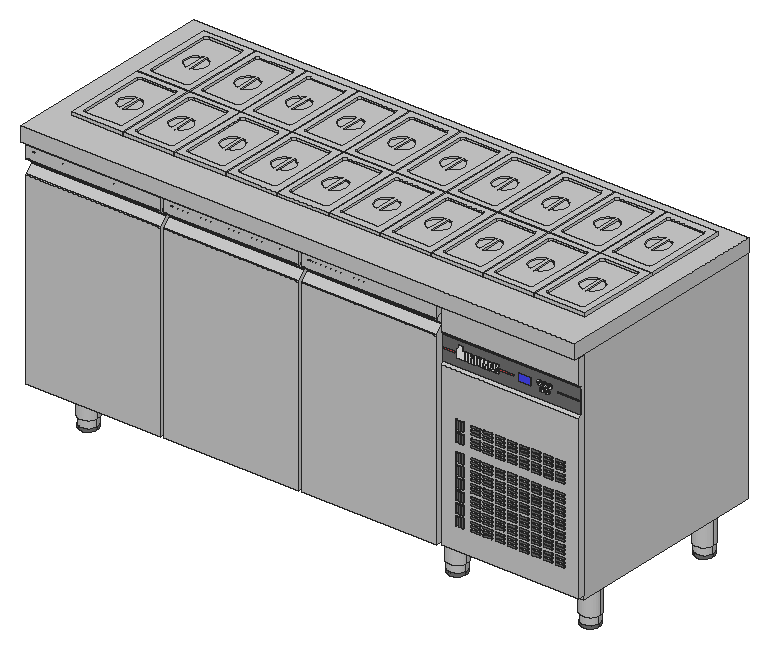
Revit family "QF_INOMAK_ZNFP999_250529012511", category Specialty Equipment, Revit 2021 (continued)
Definition of nested family "QF_INOMAK_REF_COUNTERS_1810_2920"
  Definition of nested family "QF_INOMAK_CONRTOL-PANEL"
    Forms (mm)
      Extrusion 1, solid
        sketch origin (-2240, -700, 0) x (-1, 0, 0) y (0, 0, 1)
          loop
            line (-1933.4, 247.855) -> (-1957.4, 247.855)
          loop
            arc (-1918.4, 247.855) -> (-1921.4, 244.855) -> (-1918.4, 241.855) r 3
            line (-1918.4, 241.855) -> (-1894.4, 241.855)
            arc (-1894.4, 241.855) -> (-1891.4, 244.855) -> (-1894.4, 247.855) r 3
            line (-1894.4, 247.855) -> (-1918.4, 247.855)
          loop
            arc (-2191.4, 236.855) -> (-2194.4, 233.855) -> (-2191.4, 230.855) r 3
            line (-2191.4, 230.855) -> (-2167.4, 230.855)
            arc (-2167.4, 230.855) -> (-2164.4, 233.855) -> (-2167.4, 236.855) r 3
            line (-2167.4, 236.855) -> (-2191.4, 236.855)
          loop
            arc (-2152.4, 236.855) -> (-2155.4, 233.855) -> (-2152.4, 230.855) r 3
            line (-2152.4, 230.855) -> (-2128.4, 230.855)
            arc (-2128.4, 230.855) -> (-2125.4, 233.855) -> (-2128.4, 236.855) r 3
            line (-2128.4, 236.855) -> (-2152.4, 236.855)
          loop
            arc (-2113.4, 236.855) -> (-2116.4, 233.855) -> (-2113.4, 230.855) r 3
            line (-2113.4, 230.855) -> (-2089.4, 230.855)
            arc (-2089.4, 230.855) -> (-2086.4, 233.855) -> (-2089.4, 236.855) r 3
            line (-2089.4, 236.855) -> (-2113.4, 236.855)
          loop
            arc (-2074.4, 236.855) -> (-2077.4, 233.855) -> (-2074.4, 230.855) r 3
            line (-2074.4, 230.855) -> (-2050.4, 230.855)
            arc (-2050.4, 230.855) -> (-2047.4, 233.855) -> (-2050.4, 236.855) r 3
            line (-2050.4, 236.855) -> (-2074.4, 236.855)
          loop
            arc (-2035.4, 236.855) -> (-2038.4, 233.855) -> (-2035.4, 230.855) r 3
            line (-2035.4, 230.855) -> (-2011.4, 230.855)
            arc (-2011.4, 230.855) -> (-2008.4, 233.855) -> (-2011.4, 236.855) r 3
            line (-2011.4, 236.855) -> (-2035.4, 236.855)
          loop
            arc (-1996.4, 236.855) -> (-1999.4, 233.855) -> (-1996.4, 230.855) r 3
            line (-1996.4, 230.855) -> (-1972.4, 230.855)
            arc (-1972.4, 230.855) -> (-1969.4, 233.855) -> (-1972.4, 236.855) r 3
            line (-1972.4, 236.855) -> (-1996.4, 236.855)
          loop
            arc (-1957.4, 236.855) -> (-1960.4, 233.855) -> (-1957.4, 230.855) r 3
            line (-1957.4, 230.855) -> (-1933.4, 230.855)
            arc (-1933.4, 230.855) -> (-1930.4, 233.855) -> (-1933.4, 236.855) r 3
            line (-1933.4, 236.855) -> (-1957.4, 236.855)
          loop
            arc (-1918.4, 236.855) -> (-1921.4, 233.855) -> (-1918.4, 230.855) r 3
            line (-1918.4, 230.855) -> (-1894.4, 230.855)
            arc (-1894.4, 230.855) -> (-1891.4, 233.855) -> (-1894.4, 236.855) r 3
            line (-1894.4, 236.855) -> (-1918.4, 236.855)
          loop
            arc (-2191.4, 221.855) -> (-2194.4, 218.855) -> (-2191.4, 215.855) r 3
            line (-2191.4, 215.855) -> (-2167.4, 215.855)
            arc (-2167.4, 215.855) -> (-2164.4, 218.855) -> (-2167.4, 221.855) r 3
            line (-2167.4, 221.855) -> (-2191.4, 221.855)
          loop
            arc (-2152.4, 221.855) -> (-2155.4, 218.855) -> (-2152.4, 215.855) r 3
            line (-2152.4, 215.855) -> (-2128.4, 215.855)
            arc (-2128.4, 215.855) -> (-2125.4, 218.855) -> (-2128.4, 221.855) r 3
            line (-2128.4, 221.855) -> (-2152.4, 221.855)
          loop
            arc (-2113.4, 221.855) -> (-2116.4, 218.855) -> (-2113.4, 215.855) r 3
            line (-2113.4, 215.855) -> (-2089.4, 215.855)
            arc (-2089.4, 215.855) -> (-2086.4, 218.855) -> (-2089.4, 221.855) r 3
            line (-2089.4, 221.855) -> (-2113.4, 221.855)
          loop
            arc (-2074.4, 221.855) -> (-2077.4, 218.855) -> (-2074.4, 215.855) r 3
            line (-2074.4, 215.855) -> (-2050.4, 215.855)
            arc (-2050.4, 215.855) -> (-2047.4, 218.855) -> (-2050.4, 221.855) r 3
            line (-2050.4, 221.855) -> (-2074.4, 221.855)
          loop
            arc (-2035.4, 221.855) -> (-2038.4, 218.855) -> (-2035.4, 215.855) r 3
            line (-2035.4, 215.855) -> (-2011.4, 215.855)
            arc (-2011.4, 215.855) -> (-2008.4, 218.855) -> (-2011.4, 221.855) r 3
            line (-2011.4, 221.855) -> (-2035.4, 221.855)
          loop
            arc (-1996.4, 221.855) -> (-1999.4, 218.855) -> (-1996.4, 215.855) r 3
            line (-1996.4, 215.855) -> (-1972.4, 215.855)
            arc (-1972.4, 215.855) -> (-1969.4, 218.855) -> (-1972.4, 221.855) r 3
            line (-1972.4, 221.855) -> (-1996.4, 221.855)
          loop
            arc (-1957.4, 221.855) -> (-1960.4, 218.855) -> (-1957.4, 215.855) r 3
            line (-1957.4, 215.855) -> (-1933.4, 215.855)
            arc (-1933.4, 215.855) -> (-1930.4, 218.855) -> (-1933.4, 221.855) r 3
            line (-1933.4, 221.855) -> (-1957.4, 221.855)
          loop
            arc (-1918.4, 221.855) -> (-1921.4, 218.855) -> (-1918.4, 215.855) r 3
            line (-1918.4, 215.855) -> (-1894.4, 215.855)
            arc (-1894.4, 215.855) -> (-1891.4, 218.855) -> (-1894.4, 221.855) r 3
            line (-1894.4, 221.855) -> (-1918.4, 221.855)
          loop
            arc (-2191.4, 210.855) -> (-2194.4, 207.855) -> (-2191.4, 204.855) r 3
            line (-2191.4, 204.855) -> (-2167.4, 204.855)
            arc (-2167.4, 204.855) -> (-2164.4, 207.855) -> (-2167.4, 210.855) r 3
            line (-2167.4, 210.855) -> (-2191.4, 210.855)
          loop
            arc (-2152.4, 210.855) -> (-2155.4, 207.855) -> (-2152.4, 204.855) r 3
            line (-2152.4, 204.855) -> (-2128.4, 204.855)
            arc (-2128.4, 204.855) -> (-2125.4, 207.855) -> (-2128.4, 210.855) r 3
            line (-2128.4, 210.855) -> (-2152.4, 210.855)
          loop
            arc (-2113.4, 210.855) -> (-2116.4, 207.855) -> (-2113.4, 204.855) r 3
            line (-2113.4, 204.855) -> (-2089.4, 204.855)
            arc (-2089.4, 204.855) -> (-2086.4, 207.855) -> (-2089.4, 210.855) r 3
            line (-2089.4, 210.855) -> (-2113.4, 210.855)
          loop
            arc (-2074.4, 210.855) -> (-2077.4, 207.855) -> (-2074.4, 204.855) r 3
            line (-2074.4, 204.855) -> (-2050.4, 204.855)
            arc (-2050.4, 204.855) -> (-2047.4, 207.855) -> (-2050.4, 210.855) r 3
            line (-2050.4, 210.855) -> (-2074.4, 210.855)
          loop
            arc (-2035.4, 210.855) -> (-2038.4, 207.855) -> (-2035.4, 204.855) r 3
            line (-2035.4, 204.855) -> (-2011.4, 204.855)
            arc (-2011.4, 204.855) -> (-2008.4, 207.855) -> (-2011.4, 210.855) r 3
            line (-2011.4, 210.855) -> (-2035.4, 210.855)
          loop
            arc (-1996.4, 210.855) -> (-1999.4, 207.855) -> (-1996.4, 204.855) r 3
            line (-1996.4, 204.855) -> (-1972.4, 204.855)
            arc (-1972.4, 204.855) -> (-1969.4, 207.855) -> (-1972.4, 210.855) r 3
            line (-1972.4, 210.855) -> (-1996.4, 210.855)
          loop
            arc (-1957.4, 210.855) -> (-1960.4, 207.855) -> (-1957.4, 204.855) r 3
            line (-1957.4, 204.855) -> (-1933.4, 204.855)
            arc (-1933.4, 204.855) -> (-1930.4, 207.855) -> (-1933.4, 210.855) r 3
            line (-1933.4, 210.855) -> (-1957.4, 210.855)
          loop
            arc (-1918.4, 210.855) -> (-1921.4, 207.855) -> (-1918.4, 204.855) r 3
            line (-1918.4, 204.855) -> (-1894.4, 204.855)
            arc (-1894.4, 204.855) -> (-1891.4, 207.855) -> (-1894.4, 210.855) r 3
            line (-1894.4, 210.855) -> (-1918.4, 210.855)
          loop
            arc (-2191.4, 199.855) -> (-2194.4, 196.855) -> (-2191.4, 193.855) r 3
            line (-2191.4, 193.855) -> (-2167.4, 193.855)
            arc (-2167.4, 193.855) -> (-2164.4, 196.855) -> (-2167.4, 199.855) r 3
            line (-2167.4, 199.855) -> (-2191.4, 199.855)
          loop
            arc (-2152.4, 199.855) -> (-2155.4, 196.855) -> (-2152.4, 193.855) r 3
            line (-2152.4, 193.855) -> (-2128.4, 193.855)
            arc (-2128.4, 193.855) -> (-2125.4, 196.855) -> (-2128.4, 199.855) r 3
            line (-2128.4, 199.855) -> (-2152.4, 199.855)
          loop
            arc (-2113.4, 199.855) -> (-2116.4, 196.855) -> (-2113.4, 193.855) r 3
            line (-2113.4, 193.855) -> (-2089.4, 193.855)
            arc (-2089.4, 193.855) -> (-2086.4, 196.855) -> (-2089.4, 199.855) r 3
            line (-2089.4, 199.855) -> (-2113.4, 199.855)
          loop
            arc (-2074.4, 199.855) -> (-2077.4, 196.855) -> (-2074.4, 193.855) r 3
            line (-2074.4, 193.855) -> (-2050.4, 193.855)
            arc (-2050.4, 193.855) -> (-2047.4, 196.855) -> (-2050.4, 199.855) r 3
            line (-2050.4, 199.855) -> (-2074.4, 199.855)
          loop
            arc (-2035.4, 199.855) -> (-2038.4, 196.855) -> (-2035.4, 193.855) r 3
            line (-2035.4, 193.855) -> (-2011.4, 193.855)
            arc (-2011.4, 193.855) -> (-2008.4, 196.855) -> (-2011.4, 199.855) r 3
            line (-2011.4, 199.855) -> (-2035.4, 199.855)
          loop
            arc (-1996.4, 199.855) -> (-1999.4, 196.855) -> (-1996.4, 193.855) r 3
            line (-1996.4, 193.855) -> (-1972.4, 193.855)
            arc (-1972.4, 193.855) -> (-1969.4, 196.855) -> (-1972.4, 199.855) r 3
            line (-1972.4, 199.855) -> (-1996.4, 199.855)
          loop
            arc (-1957.4, 199.855) -> (-1960.4, 196.855) -> (-1957.4, 193.855) r 3
            line (-1957.4, 193.855) -> (-1933.4, 193.855)
            arc (-1933.4, 193.855) -> (-1930.4, 196.855) -> (-1933.4, 199.855) r 3
            line (-1933.4, 199.855) -> (-1957.4, 199.855)
          loop
            arc (-1918.4, 199.855) -> (-1921.4, 196.855) -> (-1918.4, 193.855) r 3
            line (-1918.4, 193.855) -> (-1894.4, 193.855)
            arc (-1894.4, 193.855) -> (-1891.4, 196.855) -> (-1894.4, 199.855) r 3
            line (-1894.4, 199.855) -> (-1918.4, 199.855)
          loop
            arc (-2191.4, 184.855) -> (-2194.4, 181.855) -> (-2191.4, 178.855) r 3
            line (-2191.4, 178.855) -> (-2167.4, 178.855)
            arc (-2167.4, 178.855) -> (-2164.4, 181.855) -> (-2167.4, 184.855) r 3
            line (-2167.4, 184.855) -> (-2191.4, 184.855)
          loop
            arc (-2152.4, 184.855) -> (-2155.4, 181.855) -> (-2152.4, 178.855) r 3
            line (-2152.4, 178.855) -> (-2128.4, 178.855)
            arc (-2128.4, 178.855) -> (-2125.4, 181.855) -> (-2128.4, 184.855) r 3
            line (-2128.4, 184.855) -> (-2152.4, 184.855)
          loop
            arc (-2113.4, 184.855) -> (-2116.4, 181.855) -> (-2113.4, 178.855) r 3
            line (-2113.4, 178.855) -> (-2089.4, 178.855)
            arc (-2089.4, 178.855) -> (-2086.4, 181.855) -> (-2089.4, 184.855) r 3
            line (-2089.4, 184.855) -> (-2113.4, 184.855)
          loop
            arc (-2074.4, 184.855) -> (-2077.4, 181.855) -> (-2074.4, 178.855) r 3
            line (-2074.4, 178.855) -> (-2050.4, 178.855)
            arc (-2050.4, 178.855) -> (-2047.4, 181.855) -> (-2050.4, 184.855) r 3
            line (-2050.4, 184.855) -> (-2074.4, 184.855)
          loop
            arc (-2035.4, 184.855) -> (-2038.4, 181.855) -> (-2035.4, 178.855) r 3
            line (-2035.4, 178.855) -> (-2011.4, 178.855)
            arc (-2011.4, 178.855) -> (-2008.4, 181.855) -> (-2011.4, 184.855) r 3
            line (-2011.4, 184.855) -> (-2035.4, 184.855)
          loop
            arc (-1996.4, 184.855) -> (-1999.4, 181.855) -> (-1996.4, 178.855) r 3
            line (-1996.4, 178.855) -> (-1972.4, 178.855)
            arc (-1972.4, 178.855) -> (-1969.4, 181.855) -> (-1972.4, 184.855) r 3
            line (-1972.4, 184.855) -> (-1996.4, 184.855)
          loop
            arc (-1957.4, 184.855) -> (-1960.4, 181.855) -> (-1957.4, 178.855) r 3
            line (-1957.4, 178.855) -> (-1933.4, 178.855)
            arc (-1933.4, 178.855) -> (-1930.4, 181.855) -> (-1933.4, 184.855) r 3
            line (-1933.4, 184.855) -> (-1957.4, 184.855)
          loop
            arc (-1918.4, 184.855) -> (-1921.4, 181.855) -> (-1918.4, 178.855) r 3
            line (-1918.4, 178.855) -> (-1894.4, 178.855)
            arc (-1894.4, 178.855) -> (-1891.4, 181.855) -> (-1894.4, 184.855) r 3
            line (-1894.4, 184.855) -> (-1918.4, 184.855)
          loop
            arc (-2191.4, 173.855) -> (-2194.4, 170.855) -> (-2191.4, 167.855) r 3
            line (-2191.4, 167.855) -> (-2167.4, 167.855)
            arc (-2167.4, 167.855) -> (-2164.4, 170.855) -> (-2167.4, 173.855) r 3
            line (-2167.4, 173.855) -> (-2191.4, 173.855)
          loop
            arc (-2152.4, 173.855) -> (-2155.4, 170.855) -> (-2152.4, 167.855) r 3
            line (-2152.4, 167.855) -> (-2128.4, 167.855)
            arc (-2128.4, 167.855) -> (-2125.4, 170.855) -> (-2128.4, 173.855) r 3
            line (-2128.4, 173.855) -> (-2152.4, 173.855)
          loop
            arc (-2113.4, 173.855) -> (-2116.4, 170.855) -> (-2113.4, 167.855) r 3
            line (-2113.4, 167.855) -> (-2089.4, 167.855)
            arc (-2089.4, 167.855) -> (-2086.4, 170.855) -> (-2089.4, 173.855) r 3
            line (-2089.4, 173.855) -> (-2113.4, 173.855)
          loop
            arc (-2074.4, 173.855) -> (-2077.4, 170.855) -> (-2074.4, 167.855) r 3
            line (-2074.4, 167.855) -> (-2050.4, 167.855)
            arc (-2050.4, 167.855) -> (-2047.4, 170.855) -> (-2050.4, 173.855) r 3
            line (-2050.4, 173.855) -> (-2074.4, 173.855)
          loop
            arc (-2035.4, 173.855) -> (-2038.4, 170.855) -> (-2035.4, 167.855) r 3
            line (-2035.4, 167.855) -> (-2011.4, 167.855)
            arc (-2011.4, 167.855) -> (-2008.4, 170.855) -> (-2011.4, 173.855) r 3
            line (-2011.4, 173.855) -> (-2035.4, 173.855)
          loop
            arc (-1996.4, 173.855) -> (-1999.4, 170.855) -> (-1996.4, 167.855) r 3
            line (-1996.4, 167.855) -> (-1972.4, 167.855)
            arc (-1972.4, 167.855) -> (-1969.4, 170.855) -> (-1972.4, 173.855) r 3
            line (-1972.4, 173.855) -> (-1996.4, 173.855)
          loop
            arc (-1957.4, 173.855) -> (-1960.4, 170.855) -> (-1957.4, 167.855) r 3
            line (-1957.4, 167.855) -> (-1933.4, 167.855)
            arc (-1933.4, 167.855) -> (-1930.4, 170.855) -> (-1933.4, 173.855) r 3
            line (-1933.4, 173.855) -> (-1957.4, 173.855)
          loop
            arc (-1918.4, 173.855) -> (-1921.4, 170.855) -> (-1918.4, 167.855) r 3
            line (-1918.4, 167.855) -> (-1894.4, 167.855)
            arc (-1894.4, 167.855) -> (-1891.4, 170.855) -> (-1894.4, 173.855) r 3
            line (-1894.4, 173.855) -> (-1918.4, 173.855)
          loop
            arc (-2191.4, 162.855) -> (-2194.4, 159.855) -> (-2191.4, 156.855) r 3
            line (-2191.4, 156.855) -> (-2167.4, 156.855)
            arc (-2167.4, 156.855) -> (-2164.4, 159.855) -> (-2167.4, 162.855) r 3
            line (-2167.4, 162.855) -> (-2191.4, 162.855)
          loop
            arc (-2152.4, 162.855) -> (-2155.4, 159.855) -> (-2152.4, 156.855) r 3
            line (-2152.4, 156.855) -> (-2128.4, 156.855)
            arc (-2128.4, 156.855) -> (-2125.4, 159.855) -> (-2128.4, 162.855) r 3
            line (-2128.4, 162.855) -> (-2152.4, 162.855)
          loop
            arc (-2113.4, 162.855) -> (-2116.4, 159.855) -> (-2113.4, 156.855) r 3
            line (-2113.4, 156.855) -> (-2089.4, 156.855)
            arc (-2089.4, 156.855) -> (-2086.4, 159.855) -> (-2089.4, 162.855) r 3
            line (-2089.4, 162.855) -> (-2113.4, 162.855)
          loop
            arc (-2074.4, 162.855) -> (-2077.4, 159.855) -> (-2074.4, 156.855) r 3
            line (-2074.4, 156.855) -> (-2050.4, 156.855)
            arc (-2050.4, 156.855) -> (-2047.4, 159.855) -> (-2050.4, 162.855) r 3
            line (-2050.4, 162.855) -> (-2074.4, 162.855)
          loop
            arc (-2035.4, 162.855) -> (-2038.4, 159.855) -> (-2035.4, 156.855) r 3
            line (-2035.4, 156.855) -> (-2011.4, 156.855)
            arc (-2011.4, 156.855) -> (-2008.4, 159.855) -> (-2011.4, 162.855) r 3
            line (-2011.4, 162.855) -> (-2035.4, 162.855)
          loop
            arc (-1996.4, 162.855) -> (-1999.4, 159.855) -> (-1996.4, 156.855) r 3
            line (-1996.4, 156.855) -> (-1972.4, 156.855)
            arc (-1972.4, 156.855) -> (-1969.4, 159.855) -> (-1972.4, 162.855) r 3
            line (-1972.4, 162.855) -> (-1996.4, 162.855)
          loop
            arc (-1957.4, 162.855) -> (-1960.4, 159.855) -> (-1957.4, 156.855) r 3
            line (-1957.4, 156.855) -> (-1933.4, 156.855)
            arc (-1933.4, 156.855) -> (-1930.4, 159.855) -> (-1933.4, 162.855) r 3
            line (-1933.4, 162.855) -> (-1957.4, 162.855)
          loop
            arc (-1918.4, 162.855) -> (-1921.4, 159.855) -> (-1918.4, 156.855) r 3
            line (-1918.4, 156.855) -> (-1894.4, 156.855)
            arc (-1894.4, 156.855) -> (-1891.4, 159.855) -> (-1894.4, 162.855) r 3
            line (-1894.4, 162.855) -> (-1918.4, 162.855)
          loop
            arc (-2191.4, 147.855) -> (-2194.4, 144.855) -> (-2191.4, 141.855) r 3
            line (-2191.4, 141.855) -> (-2167.4, 141.855)
            arc (-2167.4, 141.855) -> (-2164.4, 144.855) -> (-2167.4, 147.855) r 3
            line (-2167.4, 147.855) -> (-2191.4, 147.855)
          loop
            arc (-2152.4, 147.855) -> (-2155.4, 144.855) -> (-2152.4, 141.855) r 3
            line (-2152.4, 141.855) -> (-2128.4, 141.855)
            arc (-2128.4, 141.855) -> (-2125.4, 144.855) -> (-2128.4, 147.855) r 3
            line (-2128.4, 147.855) -> (-2152.4, 147.855)
          loop
            arc (-2113.4, 147.855) -> (-2116.4, 144.855) -> (-2113.4, 141.855) r 3
            line (-2113.4, 141.855) -> (-2089.4, 141.855)
            arc (-2089.4, 141.855) -> (-2086.4, 144.855) -> (-2089.4, 147.855) r 3
            line (-2089.4, 147.855) -> (-2113.4, 147.855)
          loop
            arc (-2074.4, 147.855) -> (-2077.4, 144.855) -> (-2074.4, 141.855) r 3
            line (-2074.4, 141.855) -> (-2050.4, 141.855)
            arc (-2050.4, 141.855) -> (-2047.4, 144.855) -> (-2050.4, 147.855) r 3
            line (-2050.4, 147.855) -> (-2074.4, 147.855)
          loop
            arc (-2035.4, 147.855) -> (-2038.4, 144.855) -> (-2035.4, 141.855) r 3
            line (-2035.4, 141.855) -> (-2011.4, 141.855)
            arc (-2011.4, 141.855) -> (-2008.4, 144.855) -> (-2011.4, 147.855) r 3
            line (-2011.4, 147.855) -> (-2035.4, 147.855)
          loop
            arc (-1996.4, 147.855) -> (-1999.4, 144.855) -> (-1996.4, 141.855) r 3
            line (-1996.4, 141.855) -> (-1972.4, 141.855)
            arc (-1972.4, 141.855) -> (-1969.4, 144.855) -> (-1972.4, 147.855) r 3
            line (-1972.4, 147.855) -> (-1996.4, 147.855)
          loop
            arc (-1957.4, 147.855) -> (-1960.4, 144.855) -> (-1957.4, 141.855) r 3
            line (-1957.4, 141.855) -> (-1933.4, 141.855)
            arc (-1933.4, 141.855) -> (-1930.4, 144.855) -> (-1933.4, 147.855) r 3
            line (-1933.4, 147.855) -> (-1957.4, 147.855)
          loop
            arc (-1918.4, 147.855) -> (-1921.4, 144.855) -> (-1918.4, 141.855) r 3
            line (-1918.4, 141.855) -> (-1894.4, 141.855)
            arc (-1894.4, 141.855) -> (-1891.4, 144.855) -> (-1894.4, 147.855) r 3
            line (-1894.4, 147.855) -> (-1918.4, 147.855)
          loop
            arc (-2191.4, 136.855) -> (-2194.4, 133.855) -> (-2191.4, 130.855) r 3
            line (-2191.4, 130.855) -> (-2167.4, 130.855)
            arc (-2167.4, 130.855) -> (-2164.4, 133.855) -> (-2167.4, 136.855) r 3
            line (-2167.4, 136.855) -> (-2191.4, 136.855)
          loop
            arc (-2152.4, 136.855) -> (-2155.4, 133.855) -> (-2152.4, 130.855) r 3
            line (-2152.4, 130.855) -> (-2128.4, 130.855)
            arc (-2128.4, 130.855) -> (-2125.4, 133.855) -> (-2128.4, 136.855) r 3
            line (-2128.4, 136.855) -> (-2152.4, 136.855)
          loop
            arc (-2113.4, 136.855) -> (-2116.4, 133.855) -> (-2113.4, 130.855) r 3
            line (-2113.4, 130.855) -> (-2089.4, 130.855)
            arc (-2089.4, 130.855) -> (-2086.4, 133.855) -> (-2089.4, 136.855) r 3
            line (-2089.4, 136.855) -> (-2113.4, 136.855)
          loop
            arc (-2074.4, 136.855) -> (-2077.4, 133.855) -> (-2074.4, 130.855) r 3
            line (-2074.4, 130.855) -> (-2050.4, 130.855)
            arc (-2050.4, 130.855) -> (-2047.4, 133.855) -> (-2050.4, 136.855) r 3
            line (-2050.4, 136.855) -> (-2074.4, 136.855)
          loop
            arc (-2035.4, 136.855) -> (-2038.4, 133.855) -> (-2035.4, 130.855) r 3
            line (-2035.4, 130.855) -> (-2011.4, 130.855)
            arc (-2011.4, 130.855) -> (-2008.4, 133.855) -> (-2011.4, 136.855) r 3
            line (-2011.4, 136.855) -> (-2035.4, 136.855)
          loop
            arc (-1996.4, 136.855) -> (-1999.4, 133.855) -> (-1996.4, 130.855) r 3
            line (-1996.4, 130.855) -> (-1972.4, 130.855)
            arc (-1972.4, 130.855) -> (-1969.4, 133.855) -> (-1972.4, 136.855) r 3
            line (-1972.4, 136.855) -> (-1996.4, 136.855)
          loop
            arc (-1957.4, 136.855) -> (-1960.4, 133.855) -> (-1957.4, 130.855) r 3
            line (-1957.4, 130.855) -> (-1933.4, 130.855)
            arc (-1933.4, 130.855) -> (-1930.4, 133.855) -> (-1933.4, 136.855) r 3
            line (-1933.4, 136.855) -> (-1957.4, 136.855)
          loop
            arc (-1918.4, 136.855) -> (-1921.4, 133.855) -> (-1918.4, 130.855) r 3
            line (-1918.4, 130.855) -> (-1894.4, 130.855)
            arc (-1894.4, 130.855) -> (-1891.4, 133.855) -> (-1894.4, 136.855) r 3
            line (-1894.4, 136.855) -> (-1918.4, 136.855)
          loop
            arc (-2191.4, 125.855) -> (-2194.4, 122.855) -> (-2191.4, 119.855) r 3
            line (-2191.4, 119.855) -> (-2167.4, 119.855)
            arc (-2167.4, 119.855) -> (-2164.4, 122.855) -> (-2167.4, 125.855) r 3
            line (-2167.4, 125.855) -> (-2191.4, 125.855)
          loop
            arc (-2152.4, 125.855) -> (-2155.4, 122.855) -> (-2152.4, 119.855) r 3
            line (-2152.4, 119.855) -> (-2128.4, 119.855)
            arc (-2128.4, 119.855) -> (-2125.4, 122.855) -> (-2128.4, 125.855) r 3
            line (-2128.4, 125.855) -> (-2152.4, 125.855)
          loop
            arc (-2113.4, 125.855) -> (-2116.4, 122.855) -> (-2113.4, 119.855) r 3
            line (-2113.4, 119.855) -> (-2089.4, 119.855)
            arc (-2089.4, 119.855) -> (-2086.4, 122.855) -> (-2089.4, 125.855) r 3
            line (-2089.4, 125.855) -> (-2113.4, 125.855)
          loop
            arc (-2074.4, 125.855) -> (-2077.4, 122.855) -> (-2074.4, 119.855) r 3
            line (-2074.4, 119.855) -> (-2050.4, 119.855)
            arc (-2050.4, 119.855) -> (-2047.4, 122.855) -> (-2050.4, 125.855) r 3
            line (-2050.4, 125.855) -> (-2074.4, 125.855)
          loop
            arc (-2035.4, 125.855) -> (-2038.4, 122.855) -> (-2035.4, 119.855) r 3
            line (-2035.4, 119.855) -> (-2011.4, 119.855)
            arc (-2011.4, 119.855) -> (-2008.4, 122.855) -> (-2011.4, 125.855) r 3
            line (-2011.4, 125.855) -> (-2035.4, 125.855)
          loop
            arc (-1996.4, 125.855) -> (-1999.4, 122.855) -> (-1996.4, 119.855) r 3
            line (-1996.4, 119.855) -> (-1972.4, 119.855)
            arc (-1972.4, 119.855) -> (-1969.4, 122.855) -> (-1972.4, 125.855) r 3
            line (-1972.4, 125.855) -> (-1996.4, 125.855)
          loop
            arc (-1957.4, 125.855) -> (-1960.4, 122.855) -> (-1957.4, 119.855) r 3
            line (-1957.4, 119.855) -> (-1933.4, 119.855)
            arc (-1933.4, 119.855) -> (-1930.4, 122.855) -> (-1933.4, 125.855) r 3
            line (-1933.4, 125.855) -> (-1957.4, 125.855)
          loop
            arc (-1918.4, 125.855) -> (-1921.4, 122.855) -> (-1918.4, 119.855) r 3
            line (-1918.4, 119.855) -> (-1894.4, 119.855)
            arc (-1894.4, 119.855) -> (-1891.4, 122.855) -> (-1894.4, 125.855) r 3
            line (-1894.4, 125.855) -> (-1918.4, 125.855)
          loop
            arc (-2191.4, 110.855) -> (-2194.4, 107.855) -> (-2191.4, 104.855) r 3
            line (-2191.4, 104.855) -> (-2167.4, 104.855)
            arc (-2167.4, 104.855) -> (-2164.4, 107.855) -> (-2167.4, 110.855) r 3
            line (-2167.4, 110.855) -> (-2191.4, 110.855)
          loop
            arc (-2152.4, 110.855) -> (-2155.4, 107.855) -> (-2152.4, 104.855) r 3
            line (-2152.4, 104.855) -> (-2128.4, 104.855)
            arc (-2128.4, 104.855) -> (-2125.4, 107.855) -> (-2128.4, 110.855) r 3
            line (-2128.4, 110.855) -> (-2152.4, 110.855)
          loop
            arc (-2113.4, 110.855) -> (-2116.4, 107.855) -> (-2113.4, 104.855) r 3
            line (-2113.4, 104.855) -> (-2089.4, 104.855)
            arc (-2089.4, 104.855) -> (-2086.4, 107.855) -> (-2089.4, 110.855) r 3
            line (-2089.4, 110.855) -> (-2113.4, 110.855)
          loop
            arc (-2074.4, 110.855) -> (-2077.4, 107.855) -> (-2074.4, 104.855) r 3
            line (-2074.4, 104.855) -> (-2050.4, 104.855)
            arc (-2050.4, 104.855) -> (-2047.4, 107.855) -> (-2050.4, 110.855) r 3
            line (-2050.4, 110.855) -> (-2074.4, 110.855)
          loop
            arc (-2035.4, 110.855) -> (-2038.4, 107.855) -> (-2035.4, 104.855) r 3
            line (-2035.4, 104.855) -> (-2011.4, 104.855)
            arc (-2011.4, 104.855) -> (-2008.4, 107.855) -> (-2011.4, 110.855) r 3
            line (-2011.4, 110.855) -> (-2035.4, 110.855)
          loop
            arc (-1996.4, 110.855) -> (-1999.4, 107.855) -> (-1996.4, 104.855) r 3
            line (-1996.4, 104.855) -> (-1972.4, 104.855)
            arc (-1972.4, 104.855) -> (-1969.4, 107.855) -> (-1972.4, 110.855) r 3
            line (-1972.4, 110.855) -> (-1996.4, 110.855)
          loop
            arc (-1957.4, 110.855) -> (-1960.4, 107.855) -> (-1957.4, 104.855) r 3
            line (-1957.4, 104.855) -> (-1933.4, 104.855)
            arc (-1933.4, 104.855) -> (-1930.4, 107.855) -> (-1933.4, 110.855) r 3
            line (-1933.4, 110.855) -> (-1957.4, 110.855)
          loop
            arc (-1918.4, 110.855) -> (-1921.4, 107.855) -> (-1918.4, 104.855) r 3
            line (-1918.4, 104.855) -> (-1894.4, 104.855)
            arc (-1894.4, 104.855) -> (-1891.4, 107.855) -> (-1894.4, 110.855) r 3
            line (-1894.4, 110.855) -> (-1918.4, 110.855)
          loop
            arc (-2191.4, 99.855) -> (-2194.4, 96.855) -> (-2191.4, 93.855) r 3
            line (-2191.4, 93.855) -> (-2167.4, 93.855)
            arc (-2167.4, 93.855) -> (-2164.4, 96.855) -> (-2167.4, 99.855) r 3
            line (-2167.4, 99.855) -> (-2191.4, 99.855)
          loop
            arc (-2152.4, 99.855) -> (-2155.4, 96.855) -> (-2152.4, 93.855) r 3
            line (-2152.4, 93.855) -> (-2128.4, 93.855)
            arc (-2128.4, 93.855) -> (-2125.4, 96.855) -> (-2128.4, 99.855) r 3
            line (-2128.4, 99.855) -> (-2152.4, 99.855)
          loop
            arc (-2113.4, 99.855) -> (-2116.4, 96.855) -> (-2113.4, 93.855) r 3
            line (-2113.4, 93.855) -> (-2089.4, 93.855)
            arc (-2089.4, 93.855) -> (-2086.4, 96.855) -> (-2089.4, 99.855) r 3
            line (-2089.4, 99.855) -> (-2113.4, 99.855)
          loop
            arc (-2074.4, 99.855) -> (-2077.4, 96.855) -> (-2074.4, 93.855) r 3
            line (-2074.4, 93.855) -> (-2050.4, 93.855)
            arc (-2050.4, 93.855) -> (-2047.4, 96.855) -> (-2050.4, 99.855) r 3
            line (-2050.4, 99.855) -> (-2074.4, 99.855)
          loop
            arc (-2035.4, 99.855) -> (-2038.4, 96.855) -> (-2035.4, 93.855) r 3
            line (-2035.4, 93.855) -> (-2011.4, 93.855)
            arc (-2011.4, 93.855) -> (-2008.4, 96.855) -> (-2011.4, 99.855) r 3
            line (-2011.4, 99.855) -> (-2035.4, 99.855)
          loop
            arc (-1996.4, 99.855) -> (-1999.4, 96.855) -> (-1996.4, 93.855) r 3
            line (-1996.4, 93.855) -> (-1972.4, 93.855)
            arc (-1972.4, 93.855) -> (-1969.4, 96.855) -> (-1972.4, 99.855) r 3
            line (-1972.4, 99.855) -> (-1996.4, 99.855)
          loop
            arc (-1957.4, 99.855) -> (-1960.4, 96.855) -> (-1957.4, 93.855) r 3
            line (-1957.4, 93.855) -> (-1933.4, 93.855)
            arc (-1933.4, 93.855) -> (-1930.4, 96.855) -> (-1933.4, 99.855) r 3
            line (-1933.4, 99.855) -> (-1957.4, 99.855)
          loop
            arc (-1918.4, 99.855) -> (-1921.4, 96.855) -> (-1918.4, 93.855) r 3
            line (-1918.4, 93.855) -> (-1894.4, 93.855)
            arc (-1894.4, 93.855) -> (-1891.4, 96.855) -> (-1894.4, 99.855) r 3
            line (-1894.4, 99.855) -> (-1918.4, 99.855)
          loop
            arc (-2191.4, 88.855) -> (-2194.4, 85.855) -> (-2191.4, 82.855) r 3
            line (-2191.4, 82.855) -> (-2167.4, 82.855)
            arc (-2167.4, 82.855) -> (-2164.4, 85.855) -> (-2167.4, 88.855) r 3
            line (-2167.4, 88.855) -> (-2191.4, 88.855)
          loop
            arc (-2152.4, 88.855) -> (-2155.4, 85.855) -> (-2152.4, 82.855) r 3
            line (-2152.4, 82.855) -> (-2128.4, 82.855)
            arc (-2128.4, 82.855) -> (-2125.4, 85.855) -> (-2128.4, 88.855) r 3
            line (-2128.4, 88.855) -> (-2152.4, 88.855)
          loop
            arc (-2113.4, 88.855) -> (-2116.4, 85.855) -> (-2113.4, 82.855) r 3
            line (-2113.4, 82.855) -> (-2089.4, 82.855)
            arc (-2089.4, 82.855) -> (-2086.4, 85.855) -> (-2089.4, 88.855) r 3
            line (-2089.4, 88.855) -> (-2113.4, 88.855)
          loop
            arc (-2074.4, 88.855) -> (-2077.4, 85.855) -> (-2074.4, 82.855) r 3
            line (-2074.4, 82.855) -> (-2050.4, 82.855)
            arc (-2050.4, 82.855) -> (-2047.4, 85.855) -> (-2050.4, 88.855) r 3
            line (-2050.4, 88.855) -> (-2074.4, 88.855)
          loop
            arc (-2035.4, 88.855) -> (-2038.4, 85.855) -> (-2035.4, 82.855) r 3
            line (-2035.4, 82.855) -> (-2011.4, 82.855)
            arc (-2011.4, 82.855) -> (-2008.4, 85.855) -> (-2011.4, 88.855) r 3
            line (-2011.4, 88.855) -> (-2035.4, 88.855)
          loop
            arc (-1996.4, 88.855) -> (-1999.4, 85.855) -> (-1996.4, 82.855) r 3
            line (-1996.4, 82.855) -> (-1972.4, 82.855)
            arc (-1972.4, 82.855) -> (-1969.4, 85.855) -> (-1972.4, 88.855) r 3
            line (-1972.4, 88.855) -> (-1996.4, 88.855)
          loop
            arc (-1957.4, 88.855) -> (-1960.4, 85.855) -> (-1957.4, 82.855) r 3
            line (-1957.4, 82.855) -> (-1933.4, 82.855)
            arc (-1933.4, 82.855) -> (-1930.4, 85.855) -> (-1933.4, 88.855) r 3
            line (-1933.4, 88.855) -> (-1957.4, 88.855)
          loop
            arc (-1918.4, 88.855) -> (-1921.4, 85.855) -> (-1918.4, 82.855) r 3
            line (-1918.4, 82.855) -> (-1894.4, 82.855)
            arc (-1894.4, 82.855) -> (-1891.4, 85.855) -> (-1894.4, 88.855) r 3
            line (-1894.4, 88.855) -> (-1918.4, 88.855)
          loop
            arc (-1840.4, 387.855) -> (-1843.4, 390.855) -> (-1846.4, 387.855) r 3
            line (-1846.4, 387.855) -> (-1846.4, 363.855)
            arc (-1846.4, 363.855) -> (-1843.4, 360.855) -> (-1840.4, 363.855) r 3
            line (-1840.4, 363.855) -> (-1840.4, 387.855)
          loop
            arc (-1851.4, 387.855) -> (-1854.4, 390.855) -> (-1857.4, 387.855) r 3
            line (-1857.4, 387.855) -> (-1857.4, 363.855)
            arc (-1857.4, 363.855) -> (-1854.4, 360.855) -> (-1851.4, 363.855) r 3
            line (-1851.4, 363.855) -> (-1851.4, 387.855)
          loop
            arc (-1862.4, 387.855) -> (-1865.4, 390.855) -> (-1868.4, 387.855) r 3
            line (-1868.4, 387.855) -> (-1868.4, 363.855)
            arc (-1868.4, 363.855) -> (-1865.4, 360.855) -> (-1862.4, 363.855) r 3
            line (-1862.4, 363.855) -> (-1862.4, 387.855)
          loop
            arc (-1840.4, 350.855) -> (-1843.4, 353.855) -> (-1846.4, 350.855) r 3
            line (-1846.4, 350.855) -> (-1846.4, 326.855)
            arc (-1846.4, 326.855) -> (-1843.4, 323.855) -> (-1840.4, 326.855) r 3
            line (-1840.4, 326.855) -> (-1840.4, 350.855)
          loop
            arc (-1851.4, 350.855) -> (-1854.4, 353.855) -> (-1857.4, 350.855) r 3
            line (-1857.4, 350.855) -> (-1857.4, 326.855)
            arc (-1857.4, 326.855) -> (-1854.4, 323.855) -> (-1851.4, 326.855) r 3
            line (-1851.4, 326.855) -> (-1851.4, 350.855)
          loop
            arc (-1862.4, 350.855) -> (-1865.4, 353.855) -> (-1868.4, 350.855) r 3
            line (-1868.4, 350.855) -> (-1868.4, 326.855)
            arc (-1868.4, 326.855) -> (-1865.4, 323.855) -> (-1862.4, 326.855) r 3
            line (-1862.4, 326.855) -> (-1862.4, 350.855)
          loop
            arc (-1840.4, 293.855) -> (-1843.4, 296.855) -> (-1846.4, 293.855) r 3
            line (-1846.4, 293.855) -> (-1846.4, 269.855)
            arc (-1846.4, 269.855) -> (-1843.4, 266.855) -> (-1840.4, 269.855) r 3
            line (-1840.4, 269.855) -> (-1840.4, 293.855)
          loop
            arc (-1851.4, 293.855) -> (-1854.4, 296.855) -> (-1857.4, 293.855) r 3
            line (-1857.4, 293.855) -> (-1857.4, 269.855)
            arc (-1857.4, 269.855) -> (-1854.4, 266.855) -> (-1851.4, 269.855) r 3
            line (-1851.4, 269.855) -> (-1851.4, 293.855)
          loop
            arc (-1862.4, 293.855) -> (-1865.4, 296.855) -> (-1868.4, 293.855) r 3
            line (-1868.4, 293.855) -> (-1868.4, 269.855)
            arc (-1868.4, 269.855) -> (-1865.4, 266.855) -> (-1862.4, 269.855) r 3
            line (-1862.4, 269.855) -> (-1862.4, 293.855)
          loop
            arc (-1840.4, 256.855) -> (-1843.4, 259.855) -> (-1846.4, 256.855) r 3
            line (-1846.4, 256.855) -> (-1846.4, 232.855)
            arc (-1846.4, 232.855) -> (-1843.4, 229.855) -> (-1840.4, 232.855) r 3
            line (-1840.4, 232.855) -> (-1840.4, 256.855)
          loop
            arc (-1851.4, 256.855) -> (-1854.4, 259.855) -> (-1857.4, 256.855) r 3
            line (-1857.4, 256.855) -> (-1857.4, 232.855)
            arc (-1857.4, 232.855) -> (-1854.4, 229.855) -> (-1851.4, 232.855) r 3
            line (-1851.4, 232.855) -> (-1851.4, 256.855)
          loop
            arc (-1862.4, 256.855) -> (-1865.4, 259.855) -> (-1868.4, 256.855) r 3
            line (-1868.4, 256.855) -> (-1868.4, 232.855)
            arc (-1868.4, 232.855) -> (-1865.4, 229.855) -> (-1862.4, 232.855) r 3
            line (-1862.4, 232.855) -> (-1862.4, 256.855)
          loop
            arc (-1840.4, 219.855) -> (-1843.4, 222.855) -> (-1846.4, 219.855) r 3
            line (-1846.4, 219.855) -> (-1846.4, 195.855)
            arc (-1846.4, 195.855) -> (-1843.4, 192.855) -> (-1840.4, 195.855) r 3
            line (-1840.4, 195.855) -> (-1840.4, 219.855)
          loop
            arc (-1851.4, 219.855) -> (-1854.4, 222.855) -> (-1857.4, 219.855) r 3
            line (-1857.4, 219.855) -> (-1857.4, 195.855)
            arc (-1857.4, 195.855) -> (-1854.4, 192.855) -> (-1851.4, 195.855) r 3
            line (-1851.4, 195.855) -> (-1851.4, 219.855)
          loop
            arc (-1862.4, 219.855) -> (-1865.4, 222.855) -> (-1868.4, 219.855) r 3
            line (-1868.4, 219.855) -> (-1868.4, 195.855)
            arc (-1868.4, 195.855) -> (-1865.4, 192.855) -> (-1862.4, 195.855) r 3
            line (-1862.4, 195.855) -> (-1862.4, 219.855)
          loop
            arc (-1840.4, 182.855) -> (-1843.4, 185.855) -> (-1846.4, 182.855) r 3
            line (-1846.4, 182.855) -> (-1846.4, 158.855)
            arc (-1846.4, 158.855) -> (-1843.4, 155.855) -> (-1840.4, 158.855) r 3
            line (-1840.4, 158.855) -> (-1840.4, 182.855)
          loop
            arc (-1851.4, 182.855) -> (-1854.4, 185.855) -> (-1857.4, 182.855) r 3
            line (-1857.4, 182.855) -> (-1857.4, 158.855)
            arc (-1857.4, 158.855) -> (-1854.4, 155.855) -> (-1851.4, 158.855) r 3
            line (-1851.4, 158.855) -> (-1851.4, 182.855)
          loop
            arc (-1862.4, 182.855) -> (-1865.4, 185.855) -> (-1868.4, 182.855) r 3
            line (-1868.4, 182.855) -> (-1868.4, 158.855)
            arc (-1868.4, 158.855) -> (-1865.4, 155.855) -> (-1862.4, 158.855) r 3
            line (-1862.4, 158.855) -> (-1862.4, 182.855)
          loop
            arc (-1840.4, 145.855) -> (-1843.4, 148.855) -> (-1846.4, 145.855) r 3
            line (-1846.4, 145.855) -> (-1846.4, 121.855)
            arc (-1846.4, 121.855) -> (-1843.4, 118.855) -> (-1840.4, 121.855) r 3
            line (-1840.4, 121.855) -> (-1840.4, 145.855)
          loop
            arc (-1851.4, 145.855) -> (-1854.4, 148.855) -> (-1857.4, 145.855) r 3
            line (-1857.4, 145.855) -> (-1857.4, 121.855)
            arc (-1857.4, 121.855) -> (-1854.4, 118.855) -> (-1851.4, 121.855) r 3
            line (-1851.4, 121.855) -> (-1851.4, 145.855)
          loop
            arc (-1862.4, 145.855) -> (-1865.4, 148.855) -> (-1868.4, 145.855) r 3
            line (-1868.4, 145.855) -> (-1868.4, 121.855)
            arc (-1868.4, 121.855) -> (-1865.4, 118.855) -> (-1862.4, 121.855) r 3
            line (-1862.4, 121.855) -> (-1862.4, 145.855)
          loop
            arc (-1840.4, 108.855) -> (-1843.4, 111.855) -> (-1846.4, 108.855) r 3
            line (-1846.4, 108.855) -> (-1846.4, 84.855)
            arc (-1846.4, 84.855) -> (-1843.4, 81.855) -> (-1840.4, 84.855) r 3
            line (-1840.4, 84.855) -> (-1840.4, 108.855)
          loop
            arc (-1851.4, 108.855) -> (-1854.4, 111.855) -> (-1857.4, 108.855) r 3
            line (-1857.4, 108.855) -> (-1857.4, 84.855)
            arc (-1857.4, 84.855) -> (-1854.4, 81.855) -> (-1851.4, 84.855) r 3
            line (-1851.4, 84.855) -> (-1851.4, 108.855)
          loop
            arc (-1862.4, 108.855) -> (-1865.4, 111.855) -> (-1868.4, 108.855) r 3
            line (-1868.4, 108.855) -> (-1868.4, 84.855)
            arc (-1868.4, 84.855) -> (-1865.4, 81.855) -> (-1862.4, 84.855) r 3
            line (-1862.4, 84.855) -> (-1862.4, 108.855)
        from 16.5 to 19
    Dimensions and locks
      "Length": plane 3 "Left" to plane 4 "Right"
      "Depth": plane 5 "Front" to plane 1 "Back"
      "Front offset": plane 7 "Front offset" to plane 5 "Front"
      "Height": plane 6 "Top" to plane 2
      aligned and locked: level to plane 2
    Automatic sketch dimensions
      plane 4 "Right" to Extrusion 1 sketch curve = 48.6 mm  (x3)
      Extrusion 1 sketch curve to Extrusion 1 sketch curve = 0 mm  (x322)
      Extrusion 1 sketch curve to Extrusion 1 sketch curve = 24 mm  (x53)
      Extrusion 1 sketch curve to Extrusion 1 sketch curve = 15 mm  (x52)
      Extrusion 1 sketch curve to Extrusion 1 sketch curve = 26 mm  (x7)
      Extrusion 1 sketch curve to Extrusion 1 sketch curve = 3 mm  (x216)
      Extrusion 1 sketch curve to Extrusion 1 sketch curve = 5 mm  (x144)
      level to Extrusion 1 sketch curve = 82.855 mm  (x2)
      Extrusion 1 sketch curve to Extrusion 1 sketch curve = 2 mm
      Extrusion 1 sketch curve to Extrusion 1 sketch curve = 9 mm  (x48)
      Extrusion 1 sketch curve to Extrusion 1 sketch curve = 13 mm  (x9)
      Extrusion 1 sketch curve to Extrusion 1 sketch curve = 29 mm  (x6)
      Extrusion 1 sketch curve to Extrusion 1 sketch curve = 33 mm
Definition of nested family "QF_INOMAK_REF_WORKTOPS_WOVF_1810_7123"
  Parameters (values of type "WOVF-1810-700")
    Worktop thickness [instance] = 46 mm
    Weight [instance] = 0.00 kg
    Warranty Start Date [instance] = ""
    Warranty Duration [instance] = ""
    URL Cutsheet [instance] = ""
    URL = "www.inomak.com"
    Technical Documentation [instance] = ""
    Tag Number [instance] = ""
    Status [instance] = ""
    Specification by User [instance] = ""
    Specification by Manufacturer [instance] = ""
    Sound Level [instance] = ""
    Solid Fuel Type [instance] = ""
    Show Logo [instance] = yes
    Show Clearances [instance] = yes
    Service Life Duration [instance] = ""
    Serial Number [instance] = ""
    Seismic Rating [instance] = ""
    SMACNA No [instance] = ""
    Revision Code [instance] = ""
    Revision [instance] = ""
    Production Year [instance] = ""
    Point Load [instance] = 0
    Other Equipment Approvals [instance] = ""
    NAFEM Spec ID Number [instance] = ""
    Model Warning [instance] = ""
    Model = "WOVF"
    Masterspec [instance] = ""
    Manufacturer = "INOMAK"
    Length Actual [instance] = 1792 mm
    Item Number [instance] = ""
    Installed By [instance] = ""
    Installation Date [instance] = ""
    Identify Quantity as Lot [instance] = yes
    ID [instance] = ""
    Hygiene Approval [instance] = ""
    Height Actual [instance] = 0 mm
    Height AFF [instance] = 0 mm
    Furnished By [instance] = ""
    Foodservice Equipment Identifier [instance] = yes
    Finish [instance] = none
    ETL Approved [instance] = yes
    Description = "WORKTOP WITHOUT VITRINE"
    Depth Actual [instance] = 700 mm
    Default Elevation = 0 mm
    CSI MasterFormat [instance] = ""
    CE Approved [instance] = yes
    Barcode [instance] = ""
    Author [instance] = ""
    Asset Identifier [instance] = ""
    Assembly Code = "E1090320"
    Accessory [instance] = yes
  Types (2, lengths in mm): name | Model | Description | Depth Actual
    WOVF-1810-700 | "WOVF" | "WORKTOP WITHOUT VITRINE" | 700
    WOVF-1810-700-80 | "WOVF-80" | "WORKTOP WITHOUT VITRINE, 80CM DEEP WORKTOP" | 800
  Reference planes
    plane 1 "Back": y = 0
    plane 2: z = 0
    plane 3 "Left": x = 0
    plane 4 "Right": x = 1792
    plane 5 "Front": y = -700
    plane 6 "Top": z = 46
    plane 7 "Worktop bottom": z = 0
    plane 8: y = -576
  Forms (mm)
    Extrusion 1, solid, material <- "Finish"
      sketch origin (0, 0, 0) x (0, 1, 0) y (0, 0, 1)
        loop
          line (0, 46) -> (-700, 46) -> (-700, 0) -> (0, 0) -> (0, 46)
      from 0 to 1792
    Extrusion 2, solid
      sketch origin (-9, 1874.578, 46) x (0, 1, 0) y (-1, 0, 0)
        loop
          arc (-2152.578, -95) -> (-2159.649, -97.929) -> (-2162.578, -105) r 10
          line (-2162.578, -105) -> (-2162.578, -211)
          arc (-2162.578, -211) -> (-2159.649, -218.071) -> (-2152.578, -221) r 10
          line (-2152.578, -221) -> (-1944.578, -221)
          arc (-1944.578, -221) -> (-1937.507, -218.071) -> (-1934.578, -211) r 10
          line (-1934.578, -211) -> (-1934.578, -105)
          arc (-1934.578, -105) -> (-1937.507, -97.929) -> (-1944.578, -95) r 10
          line (-1944.578, -95) -> (-2152.578, -95)
        loop
          arc (-2014.937, -153) -> (-2049.578, -123) -> (-2084.219, -153) r 35
          line (-2084.219, -153) -> (-2014.937, -153)
        loop
          line (-2014.937, -163) -> (-2084.219, -163)
          arc (-2084.219, -163) -> (-2049.578, -193) -> (-2014.937, -163) r 35
      from 2 to 5
    Extrusion 3, solid
      sketch origin (-9, 1874.578, 46) x (0, 1, 0) y (-1, 0, 0)
        loop
          line (-1914.578, -75) -> (-2182.578, -75) -> (-2182.578, -241) -> (-1914.578, -241) -> (-1914.578, -75)
        loop
          arc (-1934.578, -105) -> (-1937.507, -97.929) -> (-1944.578, -95) r 10
          line (-1944.578, -95) -> (-2152.578, -95)
          arc (-2152.578, -95) -> (-2159.649, -97.929) -> (-2162.578, -105) r 10
          line (-2162.578, -105) -> (-2162.578, -211)
          arc (-2162.578, -211) -> (-2159.649, -218.071) -> (-2152.578, -221) r 10
          line (-2152.578, -221) -> (-1944.578, -221)
          arc (-1944.578, -221) -> (-1937.507, -218.071) -> (-1934.578, -211) r 10
          line (-1934.578, -211) -> (-1934.578, -105)
      from 0 to 10
    Extrusion 4, solid
      sketch origin (-9, 1874.578, 46) x (0, 1, 0) y (-1, 0, 0)
        loop
          arc (-2152.578, -261) -> (-2159.649, -263.929) -> (-2162.578, -271) r 10
          line (-2162.578, -271) -> (-2162.578, -377)
          arc (-2162.578, -377) -> (-2159.649, -384.071) -> (-2152.578, -387) r 10
          line (-2152.578, -387) -> (-1944.578, -387)
          arc (-1944.578, -387) -> (-1937.507, -384.071) -> (-1934.578, -377) r 10
          line (-1934.578, -377) -> (-1934.578, -271)
          arc (-1934.578, -271) -> (-1937.507, -263.929) -> (-1944.578, -261) r 10
          line (-1944.578, -261) -> (-2152.578, -261)
        loop
          arc (-2014.937, -319) -> (-2049.578, -289) -> (-2084.219, -319) r 35
          line (-2084.219, -319) -> (-2014.937, -319)
        loop
          line (-2014.937, -329) -> (-2084.219, -329)
          arc (-2084.219, -329) -> (-2049.578, -359) -> (-2014.937, -329) r 35
      from 2 to 5
    Extrusion 5, solid
      sketch origin (-9, 1874.578, 46) x (0, 1, 0) y (-1, 0, 0)
        loop
          line (-1914.578, -241) -> (-2182.578, -241) -> (-2182.578, -407) -> (-1914.578, -407) -> (-1914.578, -241)
        loop
          arc (-1934.578, -271) -> (-1937.507, -263.929) -> (-1944.578, -261) r 10
          line (-1944.578, -261) -> (-2152.578, -261)
          arc (-2152.578, -261) -> (-2159.649, -263.929) -> (-2162.578, -271) r 10
          line (-2162.578, -271) -> (-2162.578, -377)
          arc (-2162.578, -377) -> (-2159.649, -384.071) -> (-2152.578, -387) r 10
          line (-2152.578, -387) -> (-1944.578, -387)
          arc (-1944.578, -387) -> (-1937.507, -384.071) -> (-1934.578, -377) r 10
          line (-1934.578, -377) -> (-1934.578, -271)
      from 0 to 10
    Extrusion 6, solid
      sketch origin (0, 1874.578, 46) x (0, 1, 0) y (-1, 0, 0)
        loop
          arc (-2152.578, -1248) -> (-2159.649, -1250.929) -> (-2162.578, -1258) r 10
          line (-2162.578, -1258) -> (-2162.578, -1364)
          arc (-2162.578, -1364) -> (-2159.649, -1371.071) -> (-2152.578, -1374) r 10
          line (-2152.578, -1374) -> (-1944.578, -1374)
          arc (-1944.578, -1374) -> (-1937.507, -1371.071) -> (-1934.578, -1364) r 10
          line (-1934.578, -1364) -> (-1934.578, -1258)
          arc (-1934.578, -1258) -> (-1937.507, -1250.929) -> (-1944.578, -1248) r 10
          line (-1944.578, -1248) -> (-2152.578, -1248)
        loop
          arc (-2014.937, -1306) -> (-2049.578, -1276) -> (-2084.219, -1306) r 35
          line (-2084.219, -1306) -> (-2014.937, -1306)
        loop
          line (-2014.937, -1316) -> (-2084.219, -1316)
          arc (-2084.219, -1316) -> (-2049.578, -1346) -> (-2014.937, -1316) r 35
      from 2 to 5
    Extrusion 7, solid
      sketch origin (0, 1874.578, 46) x (0, 1, 0) y (-1, 0, 0)
        loop
          line (-1914.578, -1228) -> (-2182.578, -1228) -> (-2182.578, -1394) -> (-1914.578, -1394) -> (-1914.578, -1228)
        loop
          arc (-1934.578, -1258) -> (-1937.507, -1250.929) -> (-1944.578, -1248) r 10
          line (-1944.578, -1248) -> (-2152.578, -1248)
          arc (-2152.578, -1248) -> (-2159.649, -1250.929) -> (-2162.578, -1258) r 10
          line (-2162.578, -1258) -> (-2162.578, -1364)
          arc (-2162.578, -1364) -> (-2159.649, -1371.071) -> (-2152.578, -1374) r 10
          line (-2152.578, -1374) -> (-1944.578, -1374)
          arc (-1944.578, -1374) -> (-1937.507, -1371.071) -> (-1934.578, -1364) r 10
          line (-1934.578, -1364) -> (-1934.578, -1258)
      from 0 to 10
    Extrusion 8, solid
      sketch origin (0, 1874.578, 46) x (0, 1, 0) y (-1, 0, 0)
        loop
          arc (-2152.578, -1414) -> (-2159.649, -1416.929) -> (-2162.578, -1424) r 10
          line (-2162.578, -1424) -> (-2162.578, -1530)
          arc (-2162.578, -1530) -> (-2159.649, -1537.071) -> (-2152.578, -1540) r 10
          line (-2152.578, -1540) -> (-1944.578, -1540)
          arc (-1944.578, -1540) -> (-1937.507, -1537.071) -> (-1934.578, -1530) r 10
          line (-1934.578, -1530) -> (-1934.578, -1424)
          arc (-1934.578, -1424) -> (-1937.507, -1416.929) -> (-1944.578, -1414) r 10
          line (-1944.578, -1414) -> (-2152.578, -1414)
        loop
          arc (-2014.937, -1472) -> (-2049.578, -1442) -> (-2084.219, -1472) r 35
          line (-2084.219, -1472) -> (-2014.937, -1472)
        loop
          line (-2014.937, -1482) -> (-2084.219, -1482)
          arc (-2084.219, -1482) -> (-2049.578, -1512) -> (-2014.937, -1482) r 35
      from 2 to 5
    Extrusion 9, solid
      sketch origin (0, 1874.578, 46) x (0, 1, 0) y (-1, 0, 0)
        loop
          line (-1914.578, -1394) -> (-2182.578, -1394) -> (-2182.578, -1560) -> (-1914.578, -1560) -> (-1914.578, -1394)
        loop
          arc (-1934.578, -1424) -> (-1937.507, -1416.929) -> (-1944.578, -1414) r 10
          line (-1944.578, -1414) -> (-2152.578, -1414)
          arc (-2152.578, -1414) -> (-2159.649, -1416.929) -> (-2162.578, -1424) r 10
          line (-2162.578, -1424) -> (-2162.578, -1530)
          arc (-2162.578, -1530) -> (-2159.649, -1537.071) -> (-2152.578, -1540) r 10
          line (-2152.578, -1540) -> (-1944.578, -1540)
          arc (-1944.578, -1540) -> (-1937.507, -1537.071) -> (-1934.578, -1530) r 10
          line (-1934.578, -1530) -> (-1934.578, -1424)
      from 0 to 10
    Extrusion 10, solid
      sketch origin (0, 1874.578, 46) x (0, 1, 0) y (-1, 0, 0)
        loop
          arc (-2152.578, -1580) -> (-2159.649, -1582.929) -> (-2162.578, -1590) r 10
          line (-2162.578, -1590) -> (-2162.578, -1696)
          arc (-2162.578, -1696) -> (-2159.649, -1703.071) -> (-2152.578, -1706) r 10
          line (-2152.578, -1706) -> (-1944.578, -1706)
          arc (-1944.578, -1706) -> (-1937.507, -1703.071) -> (-1934.578, -1696) r 10
          line (-1934.578, -1696) -> (-1934.578, -1590)
          arc (-1934.578, -1590) -> (-1937.507, -1582.929) -> (-1944.578, -1580) r 10
          line (-1944.578, -1580) -> (-2152.578, -1580)
        loop
          arc (-2014.937, -1638) -> (-2049.578, -1608) -> (-2084.219, -1638) r 35
          line (-2084.219, -1638) -> (-2014.937, -1638)
        loop
          line (-2014.937, -1648) -> (-2084.219, -1648)
          arc (-2084.219, -1648) -> (-2049.578, -1678) -> (-2014.937, -1648) r 35
      from 2 to 5
    Extrusion 11, solid
      sketch origin (0, 1874.578, 46) x (0, 1, 0) y (-1, 0, 0)
        loop
          line (-1914.578, -1560) -> (-2182.578, -1560) -> (-2182.578, -1726) -> (-1914.578, -1726) -> (-1914.578, -1560)
        loop
          arc (-1934.578, -1590) -> (-1937.507, -1582.929) -> (-1944.578, -1580) r 10
          line (-1944.578, -1580) -> (-2152.578, -1580)
          arc (-2152.578, -1580) -> (-2159.649, -1582.929) -> (-2162.578, -1590) r 10
          line (-2162.578, -1590) -> (-2162.578, -1696)
          arc (-2162.578, -1696) -> (-2159.649, -1703.071) -> (-2152.578, -1706) r 10
          line (-2152.578, -1706) -> (-1944.578, -1706)
          arc (-1944.578, -1706) -> (-1937.507, -1703.071) -> (-1934.578, -1696) r 10
          line (-1934.578, -1696) -> (-1934.578, -1590)
      from 0 to 10
    Extrusion 12, solid
      sketch origin (-9, 1874.578, 46) x (0, 1, 0) y (-1, 0, 0)
        loop
          arc (-2420.578, -95) -> (-2427.649, -97.929) -> (-2430.578, -105) r 10
          line (-2430.578, -105) -> (-2430.578, -211)
          arc (-2430.578, -211) -> (-2427.649, -218.071) -> (-2420.578, -221) r 10
          line (-2420.578, -221) -> (-2212.578, -221)
          arc (-2212.578, -221) -> (-2205.507, -218.071) -> (-2202.578, -211) r 10
          line (-2202.578, -211) -> (-2202.578, -105)
          arc (-2202.578, -105) -> (-2205.507, -97.929) -> (-2212.578, -95) r 10
          line (-2212.578, -95) -> (-2420.578, -95)
        loop
          arc (-2282.937, -153) -> (-2317.578, -123) -> (-2352.219, -153) r 35
          line (-2352.219, -153) -> (-2282.937, -153)
        loop
          line (-2282.937, -163) -> (-2352.219, -163)
          arc (-2352.219, -163) -> (-2317.578, -193) -> (-2282.937, -163) r 35
      from 2 to 5
    Extrusion 13, solid
      sketch origin (-9, 1874.578, 46) x (0, 1, 0) y (-1, 0, 0)
        loop
          line (-2182.578, -75) -> (-2450.578, -75) -> (-2450.578, -241) -> (-2182.578, -241) -> (-2182.578, -75)
        loop
          arc (-2202.578, -105) -> (-2205.507, -97.929) -> (-2212.578, -95) r 10
          line (-2212.578, -95) -> (-2420.578, -95)
          arc (-2420.578, -95) -> (-2427.649, -97.929) -> (-2430.578, -105) r 10
          line (-2430.578, -105) -> (-2430.578, -211)
          arc (-2430.578, -211) -> (-2427.649, -218.071) -> (-2420.578, -221) r 10
          line (-2420.578, -221) -> (-2212.578, -221)
          arc (-2212.578, -221) -> (-2205.507, -218.071) -> (-2202.578, -211) r 10
          line (-2202.578, -211) -> (-2202.578, -105)
      from 0 to 10
    Extrusion 14, solid
      sketch origin (-9, 1874.578, 46) x (0, 1, 0) y (-1, 0, 0)
        loop
          arc (-2420.578, -261) -> (-2427.649, -263.929) -> (-2430.578, -271) r 10
          line (-2430.578, -271) -> (-2430.578, -377)
          arc (-2430.578, -377) -> (-2427.649, -384.071) -> (-2420.578, -387) r 10
          line (-2420.578, -387) -> (-2212.578, -387)
          arc (-2212.578, -387) -> (-2205.507, -384.071) -> (-2202.578, -377) r 10
          line (-2202.578, -377) -> (-2202.578, -271)
          arc (-2202.578, -271) -> (-2205.507, -263.929) -> (-2212.578, -261) r 10
          line (-2212.578, -261) -> (-2420.578, -261)
        loop
          arc (-2282.937, -319) -> (-2317.578, -289) -> (-2352.219, -319) r 35
          line (-2352.219, -319) -> (-2282.937, -319)
        loop
          line (-2282.937, -329) -> (-2352.219, -329)
          arc (-2352.219, -329) -> (-2317.578, -359) -> (-2282.937, -329) r 35
      from 2 to 5
    Extrusion 15, solid
      sketch origin (-9, 1874.578, 46) x (0, 1, 0) y (-1, 0, 0)
        loop
          line (-2182.578, -241) -> (-2450.578, -241) -> (-2450.578, -407) -> (-2182.578, -407) -> (-2182.578, -241)
        loop
          arc (-2202.578, -271) -> (-2205.507, -263.929) -> (-2212.578, -261) r 10
          line (-2212.578, -261) -> (-2420.578, -261)
          arc (-2420.578, -261) -> (-2427.649, -263.929) -> (-2430.578, -271) r 10
          line (-2430.578, -271) -> (-2430.578, -377)
          arc (-2430.578, -377) -> (-2427.649, -384.071) -> (-2420.578, -387) r 10
          line (-2420.578, -387) -> (-2212.578, -387)
          arc (-2212.578, -387) -> (-2205.507, -384.071) -> (-2202.578, -377) r 10
          line (-2202.578, -377) -> (-2202.578, -271)
      from 0 to 10
    Extrusion 16, solid
      sketch origin (0, 1874.578, 46) x (0, 1, 0) y (-1, 0, 0)
        loop
          arc (-2420.578, -1248) -> (-2427.649, -1250.929) -> (-2430.578, -1258) r 10
          line (-2430.578, -1258) -> (-2430.578, -1364)
          arc (-2430.578, -1364) -> (-2427.649, -1371.071) -> (-2420.578, -1374) r 10
          line (-2420.578, -1374) -> (-2212.578, -1374)
          arc (-2212.578, -1374) -> (-2205.507, -1371.071) -> (-2202.578, -1364) r 10
          line (-2202.578, -1364) -> (-2202.578, -1258)
          arc (-2202.578, -1258) -> (-2205.507, -1250.929) -> (-2212.578, -1248) r 10
          line (-2212.578, -1248) -> (-2420.578, -1248)
        loop
          arc (-2282.937, -1306) -> (-2317.578, -1276) -> (-2352.219, -1306) r 35
          line (-2352.219, -1306) -> (-2282.937, -1306)
        loop
          line (-2282.937, -1316) -> (-2352.219, -1316)
          arc (-2352.219, -1316) -> (-2317.578, -1346) -> (-2282.937, -1316) r 35
      from 2 to 5
    Extrusion 17, solid
      sketch origin (0, 1874.578, 46) x (0, 1, 0) y (-1, 0, 0)
        loop
          line (-2182.578, -1228) -> (-2450.578, -1228) -> (-2450.578, -1394) -> (-2182.578, -1394) -> (-2182.578, -1228)
        loop
          arc (-2202.578, -1258) -> (-2205.507, -1250.929) -> (-2212.578, -1248) r 10
          line (-2212.578, -1248) -> (-2420.578, -1248)
          arc (-2420.578, -1248) -> (-2427.649, -1250.929) -> (-2430.578, -1258) r 10
          line (-2430.578, -1258) -> (-2430.578, -1364)
          arc (-2430.578, -1364) -> (-2427.649, -1371.071) -> (-2420.578, -1374) r 10
          line (-2420.578, -1374) -> (-2212.578, -1374)
          arc (-2212.578, -1374) -> (-2205.507, -1371.071) -> (-2202.578, -1364) r 10
          line (-2202.578, -1364) -> (-2202.578, -1258)
      from 0 to 10
    Extrusion 18, solid
      sketch origin (0, 1874.578, 46) x (0, 1, 0) y (-1, 0, 0)
        loop
          arc (-2420.578, -1414) -> (-2427.649, -1416.929) -> (-2430.578, -1424) r 10
          line (-2430.578, -1424) -> (-2430.578, -1530)
          arc (-2430.578, -1530) -> (-2427.649, -1537.071) -> (-2420.578, -1540) r 10
          line (-2420.578, -1540) -> (-2212.578, -1540)
          arc (-2212.578, -1540) -> (-2205.507, -1537.071) -> (-2202.578, -1530) r 10
          line (-2202.578, -1530) -> (-2202.578, -1424)
          arc (-2202.578, -1424) -> (-2205.507, -1416.929) -> (-2212.578, -1414) r 10
          line (-2212.578, -1414) -> (-2420.578, -1414)
        loop
          arc (-2282.937, -1472) -> (-2317.578, -1442) -> (-2352.219, -1472) r 35
          line (-2352.219, -1472) -> (-2282.937, -1472)
        loop
          line (-2282.937, -1482) -> (-2352.219, -1482)
          arc (-2352.219, -1482) -> (-2317.578, -1512) -> (-2282.937, -1482) r 35
      from 2 to 5
    Extrusion 19, solid
      sketch origin (0, 1874.578, 46) x (0, 1, 0) y (-1, 0, 0)
        loop
          line (-2182.578, -1394) -> (-2450.578, -1394) -> (-2450.578, -1560) -> (-2182.578, -1560) -> (-2182.578, -1394)
        loop
          arc (-2202.578, -1424) -> (-2205.507, -1416.929) -> (-2212.578, -1414) r 10
          line (-2212.578, -1414) -> (-2420.578, -1414)
          arc (-2420.578, -1414) -> (-2427.649, -1416.929) -> (-2430.578, -1424) r 10
          line (-2430.578, -1424) -> (-2430.578, -1530)
